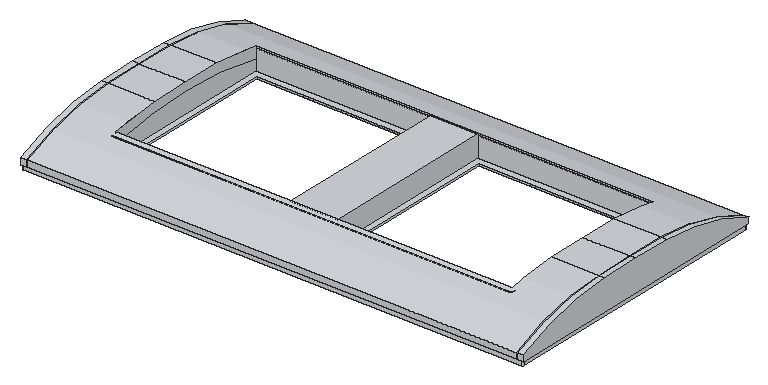
Revit family "Gira_0212328", category Electrical Fixtures, host Face, Revit 2017
Family settings
  Host = Face
  Maintain Annotation Orientation = No
  Round Connector Dimension = Use Diameter
  Part Type = Normal
  Cut with Voids When Loaded = No
  Shared = No
  Room Calculation Point = No
Parameters (values of type "Cov.fr. 2-g interm.fr. PW Gira Event anthra.")
  With mounting grid = "No"
  With hinged lid = "No"
  URL = "http://katalog.gira.de/en/datenblatt.html?artikelnr=0212328"
  Type of fastening = "Clamp mounting"
  Transparent = "No"
  Surface protection = "Other"
  Suitable for wall duct = "No"
  Suitable for flush-mounted installation = "Yes"
  Suitable for floor box = "No"
  Suitable for built-in installation = "No"
  Number of units vertical = "2"
  Number of units horizontal = "2"
  Number of units = "2"
  Name = "Cov.fr. 2-g interm.fr. PW Gira Event anthra."
  Mounting direction = "Horizontal and vertical"
  Material quality = "Thermoplastic"
  Material = "Plastic"
  Manufacturer URL = "https://www.gira.de/"
  Manufacturer = "Gira"
  Label space/information surface = "No"
  Keynote = ""
  HeinzeBIM = "https://bimportal.heinze.de/bim/cov-fr-2-g-interm-fr-pw-gira-event-anthra-/83c83cb5f3f67f389c33af3337404180c0e52849"
  Halogen free = "Yes"
  HAN = "0212328"
  GTIN = "4010337074236"
  Description = "Cov.fr.2g i.fr.PW Event AN,Gira Event frames,anthracite with pure white glossy intermediate frame,2-gang,Features:,- Shatter-proof."
  Degree of protection (IP) = "IP20"
  Default Elevation = 1219.2 mm
  Data sheet (1) = "https://katalog.gira.de/en/download.html?artikelnr=0212328"
  Colour = "Anthracite"
  Category = "Cover frame for domestic switching devices"
  BIM (1) = "https://media.stage.bim.site/public/gira/36a6b08/Event_Rahmen_2fach.rfa"
  Available = "No"
Reference planes
  plane 1 "Center (Front/Back)": y = 0
  plane 2: z = 0
  plane 3 "Center (Left/Right)": x = 0
Forms (mm)
  Extrusion 1, solid, detail levels fine
    sketch origin (0, 0, 0.05) x (0, 1, 0) y (0, 0, 1)
      loop
        arc (12.445, 9.683) -> (6.223, 9.833) -> (0, 9.85) r 291.636
        arc (0, 9.85) -> (-6.223, 9.833) -> (-12.445, 9.683) r 291.636
        arc (-12.445, 9.683) -> (-29.14, 7.482) -> (-45, 1.823) r 79.728
        line (-45, 1.823) -> (-45, -0.05) -> (-42.086, -0.05)
        arc (-42.086, -0.05) -> (-21.385, 5.559) -> (0, 7.206) r 114.424
        arc (0, 7.206) -> (21.385, 5.559) -> (42.086, -0.05) r 114.424
        line (42.086, -0.05) -> (45, -0.05) -> (45, 1.823)
        arc (45, 1.823) -> (29.14, 7.482) -> (12.445, 9.683) r 79.728
    from -78.55 to 78.55
  Extrusion 2, void, detail levels fine
    sketch origin (0, 0, 0) x (1, 0, 0) y (0, 1, 0)
      loop
        line (-63.55, -27.937) -> (63.55, -27.937) -> (63.55, 28.063) -> (-63.55, 28.063) -> (-63.55, -27.937)
    from 0.724 to 11
  Extrusion 3, solid, detail levels coarse
    sketch origin (0, 0, 0) x (1, 0, 0) y (0, 1, 0)
      loop
        line (-80.55, 45) -> (-80.55, -45) -> (80.55, -45) -> (80.55, 45) -> (-80.55, 45)
    from -1.5 to 9.9
  Extrusion 4, solid, detail levels medium
    sketch origin (0, 0, 0.05) x (0, 1, 0) y (0, 0, 1)
      loop
        arc (12.445, 9.683) -> (6.223, 9.833) -> (0, 9.85) r 291.636
        arc (0, 9.85) -> (-6.223, 9.833) -> (-12.445, 9.683) r 291.636
        arc (-12.445, 9.683) -> (-29.14, 7.482) -> (-45, 1.823) r 79.728
        line (-45, 1.823) -> (-45, -0.05) -> (45, -0.05) -> (45, 1.823)
        arc (45, 1.823) -> (29.14, 7.482) -> (12.445, 9.683) r 79.728
    from -80.55 to 80.55
  Extrusion 5, solid, detail levels fine
    sketch origin (-35.55, 0, -1.5) x (0, 1, 0) y (0, 0, -1)
      loop
        line (45, -3.373) -> (45, -1.5) -> (-45, -1.5) -> (-45, -3.373)
        arc (-45, -3.373) -> (-29.14, -9.032) -> (-12.445, -11.233) r 79.728
        arc (-12.445, -11.233) -> (-6.223, -11.383) -> (0, -11.4) r 291.636
        arc (0, -11.4) -> (6.223, -11.383) -> (12.445, -11.233) r 291.636
        arc (12.445, -11.233) -> (29.14, -9.032) -> (45, -3.373) r 79.728
    from 43 to 45
  Extrusion 6, solid, detail levels fine
    sketch origin (0, 0, 0) x (1, 0, 0) y (0, 1, 0)
      loop
        line (-61.45, 25.7) -> (-61.45, -25.7) -> (-9.65, -25.7) -> (-9.65, 25.7) -> (-61.45, 25.7)
      loop
        line (61.45, -25.7) -> (61.45, 25.7) -> (9.65, 25.7) -> (9.65, -25.7) -> (61.45, -25.7)
      loop
        line (-64.445, 28.49) -> (-64.445, -28.495)
        spline (-64.445, -28.495) -> (-64.436, -28.625) -> (-64.411, -28.754) -> (-64.369, -28.878) -> (-64.311, -28.995) -> (-64.238, -29.104) -> (-64.152, -29.202) -> (-64.054, -29.288) -> (-63.945, -29.361) -> (-63.828, -29.419) -> (-63.704, -29.461) -> (-63.575, -29.486) -> (-63.445, -29.495)
        line (-63.445, -29.495) -> (63.445, -29.495)
        spline (63.445, -29.495) -> (63.575, -29.486) -> (63.704, -29.461) -> (63.828, -29.419) -> (63.945, -29.361) -> (64.054, -29.288) -> (64.152, -29.202) -> (64.238, -29.104) -> (64.311, -28.995) -> (64.369, -28.878) -> (64.411, -28.754) -> (64.436, -28.625) -> (64.445, -28.495)
        line (64.445, -28.495) -> (64.445, 28.49)
        spline (64.445, 28.49) -> (64.436, 28.62) -> (64.411, 28.748) -> (64.369, 28.872) -> (64.311, 28.99) -> (64.238, 29.098) -> (64.152, 29.197) -> (64.054, 29.283) -> (63.945, 29.356) -> (63.828, 29.413) -> (63.704, 29.456) -> (63.575, 29.481) -> (63.445, 29.49)
        line (63.445, 29.49) -> (-63.445, 29.49)
        spline (-63.445, 29.49) -> (-63.575, 29.481) -> (-63.704, 29.456) -> (-63.828, 29.413) -> (-63.945, 29.356) -> (-64.054, 29.283) -> (-64.152, 29.197) -> (-64.238, 29.098) -> (-64.311, 28.99) -> (-64.369, 28.872) -> (-64.411, 28.748) -> (-64.436, 28.62) -> (-64.445, 28.49)
    from 0.1 to 7.3
  Extrusion 7, solid
    sketch origin (0, 0, 0) x (1, 0, 0) y (0, 1, 0)
      loop
        arc (-80.25, -44.2) -> (-80.104, -44.554) -> (-79.75, -44.7) r 0.5
        line (-79.75, -44.7) -> (79.75, -44.7)
        arc (79.75, -44.7) -> (80.104, -44.554) -> (80.25, -44.2) r 0.5
        line (80.25, -44.2) -> (80.25, 44.2)
        arc (80.25, 44.2) -> (80.104, 44.554) -> (79.75, 44.7) r 0.5
        line (79.75, 44.7) -> (-79.75, 44.7)
        arc (-79.75, 44.7) -> (-80.104, 44.554) -> (-80.25, 44.2) r 0.5
        line (-80.25, 44.2) -> (-80.25, -44.2)
      loop
        line (-78.55, 43) -> (-78.55, -43) -> (78.55, -43) -> (78.55, 43) -> (-78.55, 43)
    from -1.5 to 0.5
  Extrusion 8, solid, detail levels fine
    sketch origin (35.55, 0, -1.5) x (0, 1, 0) y (0, 0, 1)
      loop
        arc (45, 3.373) -> (29.14, 9.032) -> (12.445, 11.233) r 79.728
        arc (12.445, 11.233) -> (6.223, 11.383) -> (0, 11.4) r 291.636
        arc (0, 11.4) -> (-6.223, 11.383) -> (-12.445, 11.233) r 291.636
        arc (-12.445, 11.233) -> (-29.14, 9.032) -> (-45, 3.373) r 79.728
        line (-45, 3.373) -> (-45, 1.5) -> (45, 1.5) -> (45, 3.373)
    from 43 to 45
  Extrusion 9, solid, detail levels medium
    sketch origin (0, 0, 0) x (1, 0, 0) y (0, 1, 0)
      loop
        line (-80.25, -44.7) -> (80.25, -44.7) -> (80.25, 44.7) -> (-80.25, 44.7) -> (-80.25, -44.7)
    from -1.5 to 0.5
  Extrusion 10, solid, detail levels fine
    sketch origin (0, 0, 0) x (1, 0, 0) y (0, 1, 0)
      loop
        line (-7.55, 28.063) -> (-7.55, -27.937) -> (7.55, -27.937) -> (7.55, 28.063) -> (-7.55, 28.063)
    from 0.724 to 7.566
Cuts and joins
  Extrusion 2 cuts Extrusion 1
  Extrusion 2 cuts Extrusion 6
Dimensions and locks
  aligned and locked: plane 2 to host face
  aligned and locked: level to host face
